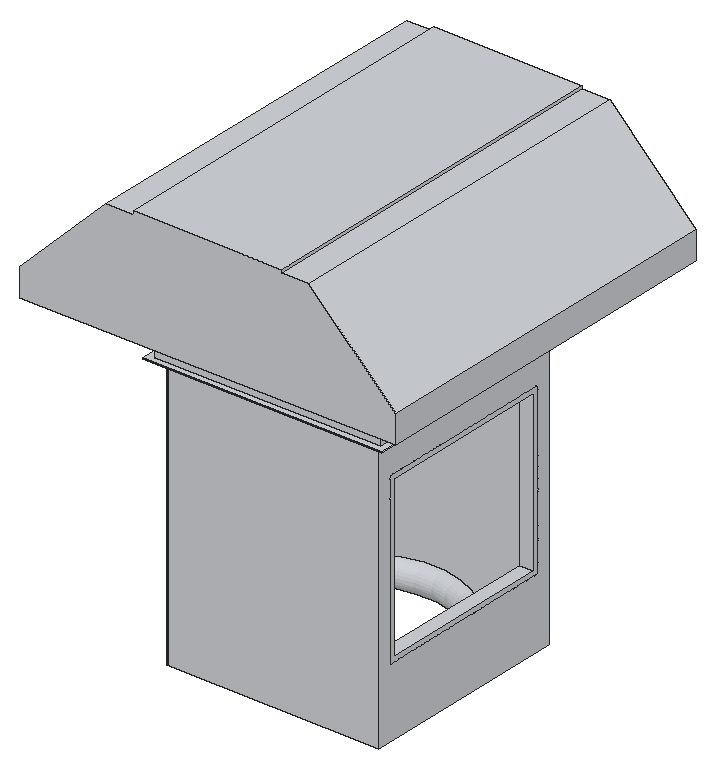
Revit family "MRSE-D", category Mechanical Equipment, Revit 2019
Family settings
  Round Connector Dimension = Use Diameter
  Part Type = Normal
  Work Plane-Based = No
  Always vertical = Yes
  Cut with Voids When Loaded = No
  Shared = No
  Room Calculation Point = No
Parameters (values of type "54_MRSE-D")
  W2/2 = W2 / 2  # 4' - 6 1/2"
  W2 = 9' - 1"
  W/2 = W / 2  # 4' - 6 1/2"
  W = 9' - 1"
  Unit Weight [instance] = ""
  T_SQ/2 = T_SQ / 2  # 2' - 9 3/4"
  T_SQ = 5' - 7 1/2"
  Sones [instance] = ""
  RO = T_SQ - 0' 5"  # 5' - 2 1/2"
  Motor RPM [instance] = ""
  Motor Enclosure [instance] = ""
  ModelID [instance] = ""
  LwA [instance] = ""
  Fan RPM [instance] = ""
  H = 3' - 6"
  E/2 = E / 2  # 2' - 2 7/8"
  E = 4' - 5 3/4"
  D = 4' - 1 1/4"
  CURB_OD/2 = CURB_OD / 2  # 2' - 8 3/4"
  CURB_OD = 5' - 5 1/2"
  CURB_HEIGHT [instance] = 0' - 9 1/2"
  CURB [instance] = yes
  C/2 = C / 2  # 0' - 10"
  C = 1' - 8"
  B/2 = B / 2  # 2' - 6 3/4"
  B*.45 = B * 0.45  # 2' - 3.675"
  B = 5' - 1 1/2"
  Accessories [instance] = ""
  A/2 = A / 2  # 3' - 8 7/8"
  A = 7' - 5 3/4"
  8" = 0' - 8"  # constant formula
  3" = 0' - 3"  # constant formula
  Brake Hp [instance] = ""
  4" = 0' - 4"  # constant formula
  2' = 2' - 0"
  2" = 0' - 2"  # constant formula
  135 = 135.00°  # constant formula
  1" = 0' - 1"  # constant formula
  0 = 0' - 0"  # constant formula
  Voltage [instance] = 0 V
  URL = "www.lorencook.com"
  Type Comments = "Economizer Fan Mix, Recirculate, Supply, Exhaust Direct Drive"  # constant formula
  Static Pressure [instance] = 0.00 in-wg
  Power [instance] = Voltage * Motor FLA * sqrt(if(Phase = 3, 3, 1))  # 0 VA
  Phase [instance] = 0
  Number of Poles [instance] = 1
  Motor Hp [instance] = "0"
  Motor FLA [instance] = 0 A
  Model = "MRSE-D"  # constant formula
  Manufacturer = "Loren Cook Company"
  CFM [instance] = 0 CFM
  1.5 = 0' - 1 1/2"  # constant formula
  ONE EIGTH = 0' - 0 1/8"  # constant formula
  -W2/2 = -(W2 / 2)  # -4' - 6 1/2"
  -W/2 = -W / 2  # -4' - 6 1/2"
  -A+3.125" = -A + 0' 3 1/8"  # -7' - 2 5/8"
  -A+3 = -A + 0' 3"  # -7' - 2 3/4"
  -A = -A  # -7' - 5 3/4"
  -(B/2) = -(B / 2)  # -2' - 6 3/4"
Types (7): name | W2/2 | W2 | W/2 | W | T_SQ/2 | T_SQ | RO | H | E/2 | E | D | CURB_OD/2 | CURB_OD | C/2 | C | B/2 | B*.45 | B | A/2 | A | -W2/2 | -W/2 | -A+3.125" | -A+3 | -A | -(B/2)
  (no name) | 4' - 6 1/2" | 9' - 1" | 4' - 6 1/2" | 9' - 1" | 2' - 9 3/4" | 5' - 7 1/2" | 5' - 2 1/2" | 3' - 6" | 2' - 2 7/8" | 4' - 5 3/4" | 4' - 1 1/4" | 2' - 8 3/4" | 5' - 5 1/2" | 0' - 10" | 1' - 8" | 2' - 6 3/4" | 2' - 3.675" | 5' - 1 1/2" | 3' - 8 7/8" | 7' - 5 3/4" | -4' - 6 1/2" | -4' - 6 1/2" | -7' - 2 5/8" | -7' - 2 3/4" | -7' - 5 3/4" | -2' - 6 3/4"
  24_MRSE-D | 2' - 5 1/2" | 4' - 11" | 2' - 5 1/2" | 4' - 11" | 1' - 6 3/4" | 3' - 1 1/2" | 2' - 8 1/2" | 2' - 2" | 0' - 11 7/8" | 1' - 11 3/4" | 1' - 9 3/4" | 1' - 5 3/4" | 2' - 11 1/2" | 0' - 9" | 1' - 6" | 1' - 3 3/4" | 1' - 2.175" | 2' - 7 1/2" | 2' - 6 1/8" | 5' - 0 1/4" | -2' - 5 1/2" | -2' - 5 1/2" | -4' - 9 1/8" | -4' - 9 1/4" | -5' - 0 1/4" | -1' - 3 3/4"
  30_MRSE-D | 2' - 10 1/2" | 5' - 9" | 2' - 10 1/2" | 5' - 9" | 1' - 9 3/4" | 3' - 7 1/2" | 3' - 2 1/2" | 2' - 4" | 1' - 2 7/8" | 2' - 5 3/4" | 2' - 3 1/4" | 1' - 8 3/4" | 3' - 5 1/2" | 0' - 9" | 1' - 6" | 1' - 6 3/4" | 1' - 4 7/8" | 3' - 1 1/2" | 2' - 8 7/8" | 5' - 5 3/4" | -2' - 10 1/2" | -2' - 10 1/2" | -5' - 2 5/8" | -5' - 2 3/4" | -5' - 5 3/4" | -1' - 6 3/4"
  36_MRSE-D | 3' - 4" | 6' - 8" | 3' - 4" | 6' - 8" | 2' - 0 3/4" | 4' - 1 1/2" | 3' - 8 1/2" | 2' - 5" | 1' - 5 7/8" | 2' - 11 3/4" | 2' - 8 3/4" | 1' - 11 3/4" | 3' - 11 1/2" | 0' - 9" | 1' - 6" | 1' - 9 3/4" | 1' - 7.575" | 3' - 7 1/2" | 2' - 11 5/8" | 5' - 11 1/4" | -3' - 4" | -3' - 4" | -5' - 8 1/8" | -5' - 8 1/4" | -5' - 11 1/4" | -1' - 9 3/4"
  42_MRSE-D | 3' - 9" | 7' - 6" | 3' - 9" | 7' - 6" | 2' - 3 3/4" | 4' - 7 1/2" | 4' - 2 1/2" | 3' - 3" | 1' - 8 7/8" | 3' - 5 3/4" | 3' - 2 1/4" | 2' - 2 3/4" | 4' - 5 1/2" | 0' - 10" | 1' - 8" | 2' - 0 3/4" | 1' - 10.275" | 4' - 1 1/2" | 3' - 3 3/8" | 6' - 6 3/4" | -3' - 9" | -3' - 9" | -6' - 3 5/8" | -6' - 3 3/4" | -6' - 6 3/4" | -2' - 0 3/4"
  48_MRSE-D | 4' - 7" | 9' - 2" | 3' - 9" | 7' - 6" | 2' - 6 3/4" | 5' - 1 1/2" | 4' - 8 1/2" | 3' - 3" | 1' - 11 7/8" | 3' - 11 3/4" | 3' - 7 3/4" | 2' - 5 3/4" | 4' - 11 1/2" | 0' - 10" | 1' - 8" | 2' - 3 3/4" | 2' - 0.975" | 4' - 7 1/2" | 3' - 6 1/8" | 7' - 0 1/4" | -4' - 7" | -3' - 9" | -6' - 9 1/8" | -6' - 9 1/4" | -7' - 0 1/4" | -2' - 3 3/4"
  54_MRSE-D | 4' - 6 1/2" | 9' - 1" | 4' - 6 1/2" | 9' - 1" | 2' - 9 3/4" | 5' - 7 1/2" | 5' - 2 1/2" | 3' - 6" | 2' - 2 7/8" | 4' - 5 3/4" | 4' - 1 1/4" | 2' - 8 3/4" | 5' - 5 1/2" | 0' - 10" | 1' - 8" | 2' - 6 3/4" | 2' - 3.675" | 5' - 1 1/2" | 3' - 8 7/8" | 7' - 5 3/4" | -4' - 6 1/2" | -4' - 6 1/2" | -7' - 2 5/8" | -7' - 2 3/4" | -7' - 5 3/4" | -2' - 6 3/4"
Reference planes (in)
  plane 1 "Center (Front/Back)": y = 0
  plane 2: z = 0
  plane 3 "Center (Left/Right)": x = 0.40541
Forms (in)
  Extrusion 1, solid
    sketch origin (0, 0, 0) x (1, 0, 0) y (0, 1, 0)
      loop
        line (-33.34459, 33.75) -> (-33.34459, -33.75) -> (34.15541, -33.75) -> (34.15541, 33.75) -> (-33.34459, 33.75)
    from 0 to 3
  Extrusion 2, void
    sketch origin (0, 0, 0) x (1, 0, 0) y (0, 1, 0)
      loop
        line (-33.21959, 33.625) -> (-33.21959, -33.625) -> (34.03041, -33.625) -> (34.03041, 33.625) -> (-33.21959, 33.625)
    from 0 to 2.875
  Extrusion 3, solid
    sketch origin (0, 0, 3) x (1, 0, 0) y (0, 1, 0)
      loop
        line (-30.34459, 30.75) -> (-30.34459, -30.75) -> (31.15541, -30.75) -> (31.15541, 30.75) -> (-30.34459, 30.75)
    from -0.25 to -89.75 <- "-A"
  Extrusion 4, solid
    sketch origin (0, 0, 0) x (1, 0, 0) y (0, 0, 1)
      loop
        line (-30.34459, 3) -> (31.15541, 3) -> (31.15541, 11) -> (54.90541, 11) -> (54.90541, 19) -> (29.90541, 44) -> (21.90541, 44) -> (21.90541, 45) -> (-21.09459, 45) -> (-21.09459, 44) -> (-29.09459, 44) -> (-54.09459, 19) -> (-54.09459, 11) -> (-30.34459, 11) -> (-30.34459, 3)
    from 54.5 <- "W2/2" to -54.5 <- "-W2/2"
  Extrusion 5, void
    sketch origin (0.40541, 0, 0) x (0, 1, 0) y (0, 0, 1)
      loop
        line (-54.5, 3) -> (-30.75, 3) -> (-30.75, 11) -> (-54.5, 11) -> (-54.5, 3)
      loop
        line (54.5, 3) -> (54.5, 11) -> (30.75, 11) -> (30.75, 3) -> (54.5, 3)
    from 54.5 <- "W/2" to -54.5 <- "-W/2"
  Extrusion 6, void
    sketch origin (0, 0, 3) x (0, 1, 0) y (1, 0, 0)
      loop
        line (30.625, -30.21959) -> (30.625, 31.03041) -> (-30.625, 31.03041) -> (-30.625, -30.21959) -> (30.625, -30.21959)
    from 0.25 to 89.75 <- "A"
  Extrusion 7, void
    sketch origin (0.40541, 0, 0) x (0, 1, 0) y (0, 0, 1)
      loop
        line (26.875, -17.5) -> (-26.875, -17.5) -> (-26.875, -66.75) -> (26.875, -66.75) -> (26.875, -17.5)
    from -30.75 <- "-(B/2)" to 30.75 <- "B/2"
  Extrusion 8, solid
    sketch origin (-30.34459, -30.75, 3) x (0, 1, 0) y (0, 0, -1)
      loop
        line (57.625, 20.5) -> (57.625, 69.75) -> (3.875, 69.75) -> (3.875, 20.5) -> (57.625, 20.5)
      loop
        line (5.375, 68.25) -> (5.375, 22) -> (56.125, 22) -> (56.125, 68.25) -> (5.375, 68.25)
    from 0 to -4
  Extrusion 9, solid
    sketch origin (31.15541, 30.75, 3) x (0, -1, 0) y (0, 0, -1)
      loop
        line (56.125, 22) -> (56.125, 68.25) -> (5.375, 68.25) -> (5.375, 22) -> (56.125, 22)
      loop
        line (3.875, 69.75) -> (3.875, 20.5) -> (57.625, 20.5) -> (57.625, 69.75) -> (3.875, 69.75)
    from 0 to -4
  Extrusion 10, solid
    sketch origin (0, 0, 3) x (1, 0, 0) y (0, 1, 0)
      loop
        line (-30.21959, 30.625) -> (-30.21959, -30.625) -> (31.03041, -30.625) -> (31.03041, 30.625) -> (-30.21959, 30.625)
      loop
        circle (0.40541, 0) r 27.675
    from -86.625 <- "-A+3.125"" to -86.75 <- "-A+3"
  Revolve 11, solid
    sketch origin (0, 0, 0) x (1, 0, 0) y (0, 0, 1)
      loop
        arc (-27.26959, -83.75) -> (-23.26959, -79.75) -> (-27.26959, -75.75) r 4
        line (-27.26959, -75.75) -> (-27.26959, -83.75)
      axis (0.40541, -75.75) -> (0.40541, -83.75)
    angle from 0 to 360
  Extrusion 12, void
    sketch origin (0, 0, -83.625) x (0, 1, 0) y (1, 0, 0)
      loop
        circle (26.75, -26.34459) r 0.125
    from -0.5 to 0.5
  Extrusion 13, solid, visible <- "CURB"
    sketch origin (0, 0, 2.875) x (0, 1, 0) y (1, 0, 0)
      loop
        line (31.25, -30.84459) -> (31.25, 31.65541) -> (-31.25, 31.65541) -> (-31.25, -30.84459) -> (31.25, -30.84459)
      loop
        line (-32.75, 33.15541) -> (-32.75, -32.34459) -> (32.75, -32.34459) -> (32.75, 33.15541) -> (-32.75, 33.15541)
    from 0 to 9.5 <- "CURB_HEIGHT"
  Extrusion 14, solid, visible <- "CURB"
    sketch origin (0, 0, -6.625) x (-1, 0, 0) y (0, 1, 0)
      loop
        line (32.34459, -32.75) -> (32.34459, 32.75) -> (-33.15541, 32.75) -> (-33.15541, -32.75) -> (32.34459, -32.75)
      loop
        line (-35.15541, 34.75) -> (-35.15541, -34.75) -> (34.34459, -34.75) -> (34.34459, 34.75) -> (-35.15541, 34.75)
    from 0 to -0.125
Cuts and joins
  Extrusion 2, Extrusion 5, Extrusion 6 cuts Extrusion 1
  Extrusion 5 cuts Extrusion 4
  Extrusion 6, Extrusion 7, Extrusion 12 cuts Extrusion 3
  Extrusion 12 cuts Extrusion 10
  Extrusion 12 cuts Revolve 11
Dimensions and locks (in)
  "T_SQ/2": Extrusion 1 sketch curve to plane 3 "Center (Left/Right)"
  "T_SQ/2": plane 3 "Center (Left/Right)" to Extrusion 1 sketch curve
  "T_SQ/2": plane 1 "Center (Front/Back)" to Extrusion 1 sketch curve
  "T_SQ/2": Extrusion 1 sketch curve to plane 1 "Center (Front/Back)"
  "ONE EIGTH": Extrusion 2 sketch curve to Extrusion 1  (x3)
  "ONE EIGTH": Extrusion 1 to Extrusion 2 sketch curve
  "B/2": Extrusion 3 sketch curve to plane 3 "Center (Left/Right)"
  "B/2": plane 3 "Center (Left/Right)" to Extrusion 3 sketch curve
  "B/2": plane 1 "Center (Front/Back)" to Extrusion 3 sketch curve
  "B/2": Extrusion 3 sketch curve to plane 1 "Center (Front/Back)"
  "H": Extrusion 4 sketch curve to cut or joined group of Extrusion 1, Extrusion 2, Extrusion 5, Extrusion 6
  "W": Extrusion 4 sketch curve to Extrusion 4 sketch curve
  "0": Extrusion 3 to Extrusion 4 sketch curve  (x2)
  "1"": Extrusion 4 sketch curve to Extrusion 4 sketch curve  (x2)
  "W/2": Extrusion 4 sketch curve to plane 3 "Center (Left/Right)"
  "8"": Extrusion 4 sketch curve to Extrusion 4 sketch curve  (x4)
  "8"": Extrusion 4 sketch curve to cut or joined group of Extrusion 1, Extrusion 2, Extrusion 5, Extrusion 6
  "0": Extrusion 4 sketch curve to Extrusion 4 sketch curve
  "0": Extrusion 5 sketch curve to Extrusion 3
  "0": Extrusion 3 to Extrusion 5 sketch curve
  "0": Extrusion 5 sketch curve to cut or joined group of Extrusion 1, Extrusion 2, Extrusion 5, Extrusion 6  (x2)
  "0": Extrusion 5 sketch curve to Extrusion 4  (x4)
  "ONE EIGTH": cut or joined group of Extrusion 4, Extrusion 5 to Extrusion 6 sketch curve
  "ONE EIGTH": Extrusion 6 sketch curve to cut or joined group of Extrusion 4, Extrusion 5  (x3)
  "E/2": Extrusion 7 sketch curve to plane 1 "Center (Front/Back)"
  "E/2": plane 1 "Center (Front/Back)" to Extrusion 7 sketch curve
  "D": Extrusion 7 sketch curve to Extrusion 7 sketch curve
  "C": Extrusion 7 sketch curve to cut or joined group of Extrusion 3, Extrusion 6, Extrusion 7, Extrusion 12
  "0": cut or joined group of Extrusion 3, Extrusion 6, Extrusion 7, Extrusion 12 to Extrusion 8 sketch curve
  "0": Extrusion 8 sketch curve to cut or joined group of Extrusion 3, Extrusion 6, Extrusion 7, Extrusion 12  (x3)
  "1.5": Extrusion 8 sketch curve to Extrusion 8 sketch curve  (x4)
  "0": Extrusion 9 sketch curve to cut or joined group of Extrusion 3, Extrusion 6, Extrusion 7, Extrusion 12  (x3)
  "0": Extrusion 9 sketch curve to Extrusion 8  (x3)
  "0": cut or joined group of Extrusion 3, Extrusion 6, Extrusion 7, Extrusion 12 to Extrusion 9 sketch curve
  "0": Extrusion 8 to Extrusion 9 sketch curve
  "0": Extrusion 10 sketch curve to cut or joined group of Extrusion 3, Extrusion 6, Extrusion 7, Extrusion 12  (x3)
  "0": cut or joined group of Extrusion 3, Extrusion 6, Extrusion 7, Extrusion 12 to Extrusion 10 sketch curve
  "0": Extrusion 10 sketch curve to plane 3 "Center (Left/Right)"
  "0": Extrusion 10 sketch curve to plane 1 "Center (Front/Back)"
  "B*.45": Revolve 11 sketch curve to Revolve 11 sketch curve
  "8"": Revolve 11 sketch curve to Revolve 11 sketch curve
  "0": Revolve 11 sketch curve to plane 3 "Center (Left/Right)"
  "4"": Extrusion 12 sketch curve to cut or joined group of Extrusion 4, Extrusion 5
  "4"": cut or joined group of Extrusion 4, Extrusion 5 to Extrusion 12 sketch curve
  "3"": Revolve 11 sketch curve to cut or joined group of Extrusion 3, Extrusion 6, Extrusion 7, Extrusion 12
  "1.5": Extrusion 13 sketch curve to Extrusion 13 sketch curve  (x4)
  "CURB_OD/2": Extrusion 13 sketch curve to plane 3 "Center (Left/Right)"
  "CURB_OD/2": plane 3 "Center (Left/Right)" to Extrusion 13 sketch curve
  "CURB_OD/2": plane 1 "Center (Front/Back)" to Extrusion 13 sketch curve
  "CURB_OD/2": Extrusion 13 sketch curve to plane 1 "Center (Front/Back)"
  "2"": Extrusion 14 sketch curve to Extrusion 14 sketch curve  (x4)
  "0": Extrusion 14 sketch curve to Extrusion 13  (x3)
  "0": Extrusion 13 to Extrusion 14 sketch curve
  "B*.45": radius of Extrusion 10 sketch curve
  "ONE EIGTH": radius of Extrusion 12 sketch curve
  "135": angle Extrusion 4 sketch curve to Extrusion 4 sketch curve  (x2)
Automatic sketch dimensions
  level to Extrusion 4 sketch curve = 0' - 3"
  Revolve 11 sketch curve to Revolve 11 sketch curve = 0' - 1.17762"
  Revolve 11 sketch curve to Revolve 11 sketch curve = 0' - 5"
Connectors (in)
  electrical at (-26.34459, 26.75, -83.75)
    settings: on cut or joined group of Extrusion 10, Extrusion 12, index 1, voltage 0 V, apparent load 0 VA, apparent load phase1 0 VA, apparent load phase2 0 VA, apparent load phase3 0 VA, power factor 1, load classification "Other", number of poles 1, system type 30, power factor state 1, is connector primary yes, connector utility no, sub classification motor no, connector description ""
  hvac at (31.03041, 0, -42.125), driven by "D", driven by "E"
    settings: on cut or joined group of Extrusion 3, Extrusion 6, Extrusion 7, Extrusion 12, index 2, duct flow 0 CFM, flow factor 0, pres drop 0.00 in-wg, loss coef 0, conn angle 0.00°, conn width 53 3/4", conn height 49 1/4", conn diameter 24", duct sys type 29, conn prof type 1, flow config 0, flow direction 0, loss method 0, conn ref index -1, conn util no, is conn primary yes, conn desc ""
  hvac at (0.40541, 0, -83.75), driven by "B", driven by "B"
    settings: on cut or joined group of Extrusion 10, Extrusion 12, index 3, duct flow 0 CFM, flow factor 0, pres drop 0.00 in-wg, loss coef 0, conn angle 0.00°, conn width 61 1/2", conn height 61 1/2", conn diameter 24", duct sys type 29, conn prof type 1, flow config 0, flow direction 0, loss method 0, conn ref index -1, conn util no, is conn primary no, conn desc ""
  hvac at (-30.34459, 0, -42.125), driven by "D", driven by "E"
    settings: on cut or joined group of Extrusion 3, Extrusion 6, Extrusion 7, Extrusion 12, index 4, duct flow 0 CFM, flow factor 0, pres drop 0.00 in-wg, loss coef 0, conn angle 0.00°, conn width 53 3/4", conn height 49 1/4", conn diameter 24", duct sys type 29, conn prof type 1, flow config 0, flow direction 0, loss method 0, conn ref index -1, conn util no, is conn primary no, conn desc ""
